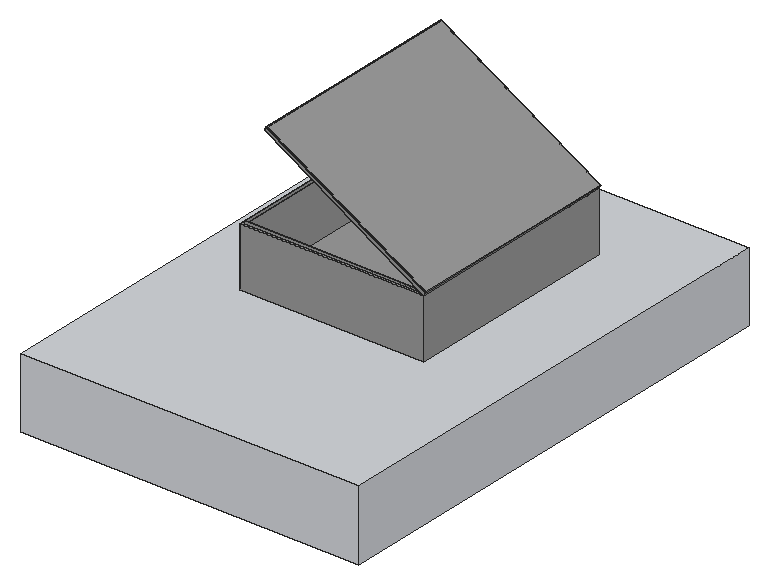
Revit family "Hager-Univers-IP55-D275-H950-Cl.I-Steel_encl-PL-en", category Equipement électrique, Revit 2020
Family settings
  Hôte = Face
  Configuration du panneau = Deux colonnes, circuits au sein
  Cote de connecteur circulaire = Utiliser le diamètre
  Type d'élément = Tableau de raccordement
  Couper avec des vides une fois chargée = Non
  Partagée = Non
  Point de calcul de pièce = Non
Parameters (values of type "Surface mounted (plaster) IP55 W800 H950 D275  - FR63E")
  Width Control [instance] = if([EF000008 - Width] > Min Width, [EF000008 - Width], Min Width)  # 800 mm
  Commentaires du type = [HG000003 - Range]  # "Univers"
  Thickness Door [instance] = if([EF009171 - Material plate thickness door/cover] > 3 mm, 3 mm, [EF009171 - Material plate thickness door/cover])  # 1.5 mm
  Seal Frame Offset [instance] = 17 mm  # constant formula
  Plinth Visibility [instance] = [HG000027 - Plinth height] > 0 mm  # no
  Model = ""
  Min Width [instance] = 100 mm  # constant formula
  Min Height [instance] = 100 mm  # constant formula
  Min Depth [instance] = (2 * [EF009170 - Material plate thickness cabinet]) + 1 mm  # 4 mm
  Internal Frame Depth [instance] = (Door System Depth * 0.5)  # 9 mm
  Height Control [instance] = if([EF000040 - Height] > Min Height, [EF000040 - Height], Min Height)  # 950 mm
  HG000027 - Plinth height = 0 mm
  HG000026 - Floor standing = no
  HG000024 - Bottom section height = 800 mm
  HG000023 - Double section enclosure = no
  HG000016 - Door 3d visibility [instance] = yes
  HG000015 - Clearance visibility [instance] = no
  HG000014 - Door on the right [instance] = yes
  HG000013 - Door on the left [instance] = not([HG000014 - Door on the right])  # no
  HG000012 - Door swing angle [instance] = 30.00°
  HG000010 - Asymmetric doors = no
  HG000009 - Double swing door = no
  HG000006 - Flush mounted = no
  HG000004 - Manufacturer reference = "FR63E"
  HG000003 - Range = "Univers"
  HG000002 - With door or cover = yes
  Frame Offset Bottom [instance] = 10 mm  # constant formula
  Frame Offset [instance] = 15 mm  # constant formula
  EF015940 - Cover with overpressure release = no
  EF011959 - Degree of protection (NEMA) = ""
  EF009554 - Number of openings for flange plates = 6
  EF009212 - Cover model = "EV000116 - Closed"
  EF009171 - Material plate thickness door/cover = 1.5 mm
  EF009170 - Material plate thickness cabinet = 1.5 mm
  Fabricant = "Hager"  # constant formula
  EF008873 - Nominal current (In) = 800 A
  EF007800 - Suitable for lightning protection = no
  EF006306 - With lock = no
  EF006244 - Transparent cover/door = no
  EF005474 - Degree of protection (IP) = "EV006420 - IP55"
  EF004464 - Type of door = "EV002646 - Single"
  EF004427 - Number of modules = 216
  EF004293 - Impact strength = "EV008784 - IK10"
  EF003532 - Suitable for outdoor use = no
  EF002950 - Width in number of modular spacings = 24
  EF001613 - Circuit integrity = "EV000494 - None"
  EF001596 - Material housing = "EV000179 - Steel"
  EF001131 - Internal depth = 275 mm
  EF001088 - Extension possible = yes
  EF000437 - Number of conduit inlets = 6
  EF000339 - Type of cover = "EV004216 - Door"
  EF000266 - Number of rows = 6
  EF000218 - Built-in depth = 0 mm
  EF000118 - With mounting plate = no
  EF000116 - RAL-number = "7035"
  EF000049 - Depth = 275 mm
  EF000040 - Height = 950 mm
  EF000008 - Width = 800 mm
  EF000007 - Colour = "EV000270 - Grey"
  EF000003 - Mounting method = "EV000384 - Surface mounted (plaster)"
  Door System Leaf Tolerance [instance] = 1.5 mm  # constant formula
  Door System Depth [instance] = 18 mm  # constant formula
  Door Height [instance] = Height Control - [HG000027 - Plinth height]  # 950 mm
  Depth Control [instance] = if([EF000049 - Depth] > Min Depth, [EF000049 - Depth], Min Depth)  # 275 mm
  Default Elevation = 0 mm
  Connector Offset [instance] = Height Control / 2  # 475 mm
  Bottom Top Plate Trim [instance] = 1.5 mm  # constant formula
  Plinth height Ctrl [instance] = if([HG000027 - Plinth height] > 0 mm, [HG000027 - Plinth height], 12 mm)  # 12 mm
Types (5, lengths in mm): name | Width Control | HG000010 - Asymmetric doors | HG000009 - Double swing door | HG000004 - Manufacturer reference | EF009554 - Number of openings for flange plates | EF004464 - Type of door | EF004427 - Number of modules | EF000437 - Number of conduit inlets | EF000008 - Width
  Surface mounted (plaster) IP55 W1050 H950 D275  - FR64E | 1050 | no | yes | "FR64E" | 8 | "EV003602 - Double" | 288 | 8 | 1050
  Surface mounted (plaster) IP55 W1300 H950 D275  - FR65E | 1300 | yes | yes | "FR65E" | 10 | "EV003602 - Double" | 360 | 10 | 1300
  Surface mounted (plaster) IP55 W300 H950 D275  - FR61E | 300 | no | no | "FR61E" | 2 | "EV002646 - Single" | 72 | 2 | 300
  Surface mounted (plaster) IP55 W550 H950 D275  - FR62E | 550 | no | no | "FR62E" | 4 | "EV002646 - Single" | 144 | 4 | 550
  Surface mounted (plaster) IP55 W800 H950 D275  - FR63E | 800 | no | no | "FR63E" | 6 | "EV002646 - Single" | 216 | 6 | 800
Reference planes
  plane 1 "Center (Front/Back)": y = 0
  plane 2: z = 0
  plane 3 "Center (Left/Right)": x = 0
  plane 4: z = 275
  plane 5: y = 1.5
  plane 6: y = 475
  plane 7: y = 0
  plane 8: y = 950
  plane 9: z = 0
  plane 10: x = -385
  plane 11: x = 385
  plane 12: x = 383.5
  plane 13: x = -383.5
  plane 14: y = 948.5
  plane 15: x = -383
  plane 16: x = -400
  plane 17: x = 383
  plane 18: x = 400
  plane 19: x = 398.5
  plane 20: x = -398.5
  plane 21: y = 11.5
  plane 22: y = 950
  plane 23: y = 933.5
  plane 24: z = 257
  plane 25: z = 1.5
  plane 26: z = 255.5
  plane 27: z = 273.5
Forms (mm)
  Extrusion 1, solid
    sketch origin (0, 0, 0) x (1, 0, 0) y (0, 1, 0)
      loop
        line (-702.964, 1305) -> (-702.964, -811.445) -> (766.763, -811.445) -> (766.763, 1305) -> (-702.964, 1305)
    from 0 to -304.8
  Extrusion 2, solid, material "Hager_Steel_RAL7035_Light_Grey", visible <- "Plinth Visibility", detail levels medium+fine
    sketch origin (0, 0, 0) x (1, 0, 0) y (0, 1, 0)
      loop
        line (-400, 0) -> (400, 0) -> (400, 12) -> (-400, 12) -> (-400, 0)
    from 0 to 257
  Extrusion 3, solid, material "Hager_Steel_RAL7035_Light_Grey", detail levels medium+fine
    sketch origin (0, 0, 0) x (1, 0, 0) y (0, 1, 0)
      loop
        line (-400, 0) -> (400, 0) -> (400, 950) -> (-400, 950) -> (-400, 0)
    from 0 to 257
  Extrusion 4, void
    sketch origin (0, 0, 0) x (1, 0, 0) y (0, 1, 0)
      loop
        line (-398.5, 1.5) -> (398.5, 1.5) -> (398.5, 948.5) -> (-398.5, 948.5) -> (-398.5, 1.5)
    from 1.5 to 255.5
  Extrusion 5, void
    sketch origin (-381.607, -4572, 257) x (0, -1, 0) y (-1, 0, 0)
      loop
        line (-4583.5, 1.893) -> (-5505.5, 1.893) -> (-5505.5, -765.107) -> (-4583.5, -765.107) -> (-4583.5, 1.893)
    from 0 to 1.5 <- "EF009170 - Material plate thickness cabinet"
  Extrusion 6, solid, material "Hager_Steel_RAL7035_Light_Grey", detail levels fine
    sketch origin (0, 0, 257) x (1, 0, 0) y (0, 1, 0)
      loop
        line (-383.5, 933.5) -> (-383.5, 11.5) -> (383.5, 11.5) -> (383.5, 933.5) -> (-383.5, 933.5)
      loop
        line (-385, 10) -> (385, 10) -> (385, 935) -> (-385, 935) -> (-385, 10)
    from 0 to 9 <- "Internal Frame Depth"
  Extrusion 7, solid, material "Hager_Steel_RAL7035_Light_Grey", detail levels coarse
    sketch origin (0, 0, 0) x (1, 0, 0) y (0, 1, 0)
      loop
        line (-400, 0) -> (400, 0) -> (400, 950) -> (-400, 950) -> (-400, 0)
    from 0 to 275
  Sweep 8, void
    path in 3D
      loop
        line (-400, 12, 0) -> (400, 12, 0) -> (400, 12, 257) -> (-400, 12, 257) -> (-400, 12, 0)
    profile origin (-400, 12, 128.5) x (-1, 0, 0) y (0, -1, 0)
      loop
        line (0, 0) -> (0, 1.5) -> (-1.5, 1.5)
        arc (-1.5, 1.5) -> (-1.061, 0.439) -> (0, 0) r 1.5
Cuts and joins
  Extrusion 4, Extrusion 5 cuts Extrusion 3
  Sweep 8 cuts Extrusion 2
Lines and regions (mm)
  Masking region 1
    outline origin (0, 0, 0) x (1, 0, 0) y (0, 0, 1)
      loop
        line (-400, 275) -> (-400, 0) -> (400, 0) -> (400, 275) -> (-400, 275)
  Masking region 2, detail levels medium+fine
    outline origin (0, 140, 0) x (0, 1, 0) y (0, 0, 1)
      loop
        line (-140, 0) -> (810, 0) -> (810, 257) -> (-140, 257) -> (-140, 0)
  Masking region 3, not visible, detail levels medium+fine
    outline origin (0, 297.922, 0) x (0, 1, 0) y (0, 0, 1)
      loop
        line (188.578, 0) -> (228.578, 0) -> (228.578, 263.5)
        arc (228.578, 263.5) -> (225.649, 270.571) -> (218.578, 273.5) r 10
        line (218.578, 273.5) -> (188.578, 273.5) -> (188.578, 0)
  Masking region 4, detail levels coarse
    outline origin (0, 0, 180) x (0, 1, 0) y (0, 0, 1)
      loop
        line (0, -180) -> (950, -180) -> (950, 95) -> (0, 95) -> (0, -180)
  Masking region 5, visible <- "Plinth Visibility", detail levels medium+fine
    outline origin (0, 52.24, 12.345) x (0, 0, -1) y (0, 1, 0)
      loop
        line (10.845, -40.24) -> (-243.155, -40.24)
        arc (-243.155, -40.24) -> (-243.594, -41.301) -> (-244.655, -41.74) r 1.5
        line (-244.655, -41.74) -> (-244.655, -52.24) -> (12.345, -52.24) -> (12.345, -41.74)
        arc (12.345, -41.74) -> (11.285, -41.301) -> (10.845, -40.24) r 1.5
  Masking region 6, detail levels medium+fine
    outline origin (-381.607, -4572, 257) x (-1, 0, 0) y (0, -1, 0)
      loop
        line (18.393, -5522) -> (18.393, -4572) -> (-781.607, -4572) -> (-781.607, -5522) -> (18.393, -5522)
  Masking region 7, visible <- "Plinth Visibility", detail levels medium+fine
    outline origin (-381.607, -4727, 257) x (-1, 0, 0) y (0, -1, 0)
      loop
        arc (16.893, -4739) -> (17.332, -4737.939) -> (18.393, -4737.5) r 1.5
        line (18.393, -4737.5) -> (18.393, -4727) -> (-781.607, -4727) -> (-781.607, -4737.5)
        arc (-781.607, -4737.5) -> (-780.546, -4737.939) -> (-780.107, -4739) r 1.5
        line (-780.107, -4739) -> (16.893, -4739)
  Masking region 8, detail levels coarse
    outline origin (-442.548, -4669.526, 257) x (-1, 0, 0) y (0, -1, 0)
      loop
        line (-42.548, -5619.526) -> (-42.548, -4669.526) -> (-842.548, -4669.526) -> (-842.548, -5619.526) -> (-42.548, -5619.526)
  sketch lines
    curve 1: line (-400, 12, 257) -> (-400, 12, 0)
    curve 2: line (400, 12, 257) -> (-400, 12, 257)
    curve 3: line (400, 12, 257) -> (400, 12, 0)
    curve 4: line (-400, 12, 0) -> (400, 12, 0)
Dimensions and locks
  "Depth Control": plane 4 to Extrusion 1
  "HG000027 - Plinth height": plane 1 "Center (Front/Back)" to plane 7
  "EF009170 - Material plate thickness cabinet": plane 5 to plane 7
  locked: connector elem to plane 3 "Center (Left/Right)"
  equal spacing: plane 8, plane 6, plane 7
  locked: connector elem to plane 6
  "EF009170 - Material plate thickness cabinet": plane 8 to plane 14
  "EF009170 - Material plate thickness cabinet": plane 10 to plane 13
  "EF009170 - Material plate thickness cabinet": plane 12 to plane 11
  "Frame Offset": plane 20 to plane 13
  "Frame Offset": plane 12 to plane 19
  "EF009170 - Material plate thickness cabinet": plane 16 to plane 20
  "EF009170 - Material plate thickness cabinet": plane 19 to plane 18
  "Seal Frame Offset": plane 16 to plane 15
  "Seal Frame Offset": plane 17 to plane 18
  "Frame Offset Bottom": plane 21 to plane 5
  "Frame Offset": plane 14 to plane 23
  equal spacing: plane 16, plane 3 "Center (Left/Right)", plane 18
  "Width Control": plane 16 to plane 18
  "EF009170 - Material plate thickness cabinet": plane 4 to plane 27
  "EF009170 - Material plate thickness cabinet": plane 24 to plane 26
  "EF009170 - Material plate thickness cabinet": plane 25 to level
  "Door System Depth": plane 4 to plane 24
  "Height Control": plane 1 "Center (Front/Back)" to Extrusion 7 sketch curve
  "Height Control": Masking region 4 sketch curve to plane 1 "Center (Front/Back)"
  "Height Control": plane 1 "Center (Front/Back)" to plane 22
  "Bottom Top Plate Trim": profile plane to Sweep 8 sketch curve
  "Bottom Top Plate Trim": Sweep 8 sketch curve to profile plane
  "Plinth height Ctrl": plane 1 "Center (Front/Back)" to Extrusion 2 sketch curve
  "Plinth height Ctrl": Masking region 5 sketch curve to plane 1 "Center (Front/Back)"
  "Plinth height Ctrl": plane 1 "Center (Front/Back)" to Masking region 7 sketch curve
  "Thickness Door": Extrusion 6 sketch curve to Extrusion 6 sketch curve  (x3)
  "Thickness Door": cut or joined group of Extrusion 3, Extrusion 4, Extrusion 5 to Extrusion 6 sketch curve
  radius of Masking region 3 sketch curve = 10 mm
  "Bottom Top Plate Trim": radius of Masking region 5 sketch curve  (x2)
  "Bottom Top Plate Trim": radius of Sweep 8 sketch curve
  "Bottom Top Plate Trim": radius of Masking region 7 sketch curve  (x2)
  aligned and locked: plane 2 to Extrusion 1
  aligned and locked: level to Extrusion 1
  aligned and locked: level to Masking region 1 sketch curve
  aligned and locked: Masking region 1 sketch curve to plane 18
  aligned and locked: Masking region 1 sketch curve to plane 16
  aligned and locked: plane 7 to Masking region 2 sketch curve
  aligned and locked: level to Masking region 3 sketch curve
  aligned and locked: Masking region 3 sketch curve to plane 27
  aligned and locked: level to Masking region 2 sketch curve
  aligned and locked: plane 1 "Center (Front/Back)" to Extrusion 2 sketch curve
  aligned and locked: Extrusion 3 sketch curve to plane 7
  aligned and locked: plane 16 to Extrusion 3 sketch curve
  aligned and locked: plane 18 to Extrusion 3 sketch curve
  aligned and locked: plane 20 to Extrusion 4 sketch curve
  aligned and locked: plane 19 to Extrusion 4 sketch curve
  aligned and locked: Extrusion 4 sketch curve to plane 5
  aligned and locked: Extrusion 4 to plane 25
  aligned and locked: plane 26 to Extrusion 4
  aligned and locked: plane 24 to Extrusion 3
  aligned and locked: Extrusion 5 sketch curve to plane 21
  aligned and locked: Extrusion 5 sketch curve to plane 13
  aligned and locked: Extrusion 5 sketch curve to plane 12
  aligned and locked: plane 18 to Extrusion 7 sketch curve
  aligned and locked: plane 1 "Center (Front/Back)" to Extrusion 7 sketch curve
  aligned and locked: plane 16 to Extrusion 7 sketch curve
  aligned and locked: plane 4 to Extrusion 7
  aligned and locked: Extrusion 7 to level
  aligned and locked: level to Masking region 4 sketch curve
  aligned and locked: Masking region 4 sketch curve to plane 1 "Center (Front/Back)"
  aligned and locked: Masking region 4 sketch curve to plane 4
  aligned and locked: nested 1 to level
  aligned and locked: nested 1 to plane 16
  aligned and locked: plane 8 to Extrusion 3 sketch curve
  aligned and locked: plane 23 to Extrusion 5 sketch curve
  aligned and locked: plane 14 to Extrusion 4 sketch curve
  aligned and locked: Masking region 2 sketch curve to plane 8
  aligned and locked: level to Masking region 5 sketch curve
  aligned and locked: plane 16 to Extrusion 2 sketch curve
  aligned and locked: plane 18 to Extrusion 2 sketch curve
  aligned and locked: Masking region 5 sketch curve to plane 24
  aligned and locked: Masking region 2 sketch curve to plane 24
  aligned and locked: plane 24 to Extrusion 2
  aligned and locked: profile plane to Sweep 8 sketch curve  (x2)
  aligned and locked: Masking region 6 sketch curve to plane 18
  aligned and locked: Masking region 6 sketch curve to plane 22
  aligned and locked: Masking region 6 sketch curve to plane 16
  aligned and locked: plane 8 to plane 22
  aligned and locked: Masking region 6 sketch curve to plane 7
  aligned and locked: Masking region 7 sketch curve to plane 16
  aligned and locked: Masking region 7 sketch curve to plane 1 "Center (Front/Back)"
  aligned and locked: Masking region 7 sketch curve to plane 18
  aligned and locked: Masking region 8 sketch curve to plane 1 "Center (Front/Back)"
  aligned and locked: Masking region 8 sketch curve to plane 18
  aligned and locked: Masking region 8 sketch curve to plane 22
  aligned and locked: Masking region 8 sketch curve to plane 16
  aligned and locked: nested 2 to plane 7
  aligned and locked: plane 3 "Center (Left/Right)" to nested 2
  aligned and locked: nested 2 to plane 24
  aligned and locked: Extrusion 6 sketch curve to cut or joined group of Extrusion 3, Extrusion 4, Extrusion 5  (x4)
Automatic sketch dimensions
  Extrusion 1 sketch curve to Extrusion 1 sketch curve = 1469.727 mm
  Extrusion 1 sketch curve to Extrusion 1 sketch curve = 2116.445 mm
  Masking region 1 sketch curve to plane 4 = 0 mm
  plane 6 to Masking region 3 sketch curve = 11.5 mm
  Masking region 3 sketch curve to Masking region 3 sketch curve = 30 mm
  Masking region 5 sketch curve to plane 1 "Center (Front/Back)" = 0 mm
Nested families
  nested 1: "Hager_Enclosure_Symbol" at (-400, 0, 0) x (1, 0, 0) z (0, -1, 0), Height <- "Depth Control", Width <- "Width Control", type "Hager_Enclosure_Symbol"
    with Width_Ctrl 800 mm, Width 800 mm, Height_Ctrl 275 mm, Height 275 mm, A_Width_Int 18.047 mm, A_Width 216.562 mm, A_Height_Ctrl 240.625 mm, A_Height 240.625 mm
  nested 2: "EC000058_Univers_Door" at (0, 0, 257) x (1, 0, 0) z (0, 1, 0), Leaf_Tolerance <- "Door System Leaf Tolerance", Angle <- "HG000012 - Door swing angle", Door_Depth <- "Door System Depth", Door_Left <- "HG000013 - Door on the left", Transparent <- "EF006244 - Transparent cover/door", Assymetrical <- "HG000010 - Asymmetric doors", Width <- "Width Control", Clearance <- "HG000015 - Clearance visibility", Double <- "HG000009 - Double swing door", 3d_Door <- "HG000016 - Door 3d visibility", Lock_Visibility <- "EF006306 - With lock", Width_Ctrl <- "Width Control", Door_Right <- "HG000014 - Door on the right", Door <- "HG000002 - With door or cover", Height <- "Door Height", Thickness <- "Thickness Door", type "EC000058_Univers_Door", detail levels medium+fine
    with min_wh 4 mm, Width_Ctrl 800 mm, Width 800 mm, Transparent no, Thickness 1.5 mm, Seal_Material Hager_Rubber, Lock_Visibility no, Lock_Material Hager_Plastic_RAL9005_Jet_Black, Leaf_Width 800 mm, Leaf_Tolerance_External_Sides 0 mm, Leaf_Tolerance 1.5 mm, Leaf_Offset 0 mm, Leaf_Height 947 mm, Leaf_2_Width 800 mm, Leaf_2_Offset 400 mm, Leaf_1_Width 800 mm, Leaf_1_Offset 400 mm, Height_Ctrl 950 mm, Height 950 mm, Glass_Material Hager_Glass, Double_Clearance_Ctrl no, Double no, Door_Right_Ctrl yes, Door_Right yes, Door_Material Hager_Steel_RAL7035_Light_Grey, Door_Left_Ctrl no, Door_Left no, Door_Depth 18 mm, Door yes, Clearance_Material Hager_Clearance, Clearance_Depth 800 mm, Clearance_Ctrl no, Clearance no, Assymetrical no, Angle 30.00°, 3d_Door yes
Connectors
  electrical at (0, 475, 0)
    settings: on plane 9, index 1, voltage 0 V, apparent load 0 VA, apparent load phase1 0 VA, apparent load phase2 0 VA, apparent load phase3 0 VA, power factor 1, load classification "Other", number of poles 1, system type 30, power factor state 1, is connector primary yes, connector utility no, sub classification motor no, connector description ""
Definition of nested family "EC000058_Univers_Door"
  Parameters (values of type "EC000058_Univers_Door")
    min_wh [instance] = (2 * Thickness) + 1 mm  # 11 mm
    Width_Ctrl [instance] = 400 mm
    Width [instance] = 500 mm
    Transparent [instance] = yes
    Thickness [instance] = 5 mm
    Seal_Material [instance] = none
    Lock_Visibility [instance] = yes
    Lock_Material [instance] = none
    Leaf_Width [instance] = if((Width_Ctrl - 2 * Leaf_Tolerance_External_Sides) > 0 mm, (Width_Ctrl - 2 * Leaf_Tolerance_External_Sides), min_wh)  # 400 mm
    Leaf_Tolerance_External_Sides [instance] = 0 mm  # constant formula
    Leaf_Tolerance [instance] = 1.5 mm
    Leaf_Offset [instance] = 0 mm  # constant formula
    Leaf_Height [instance] = if((Height_Ctrl - 2 * Leaf_Tolerance) > 0 mm, (Height_Ctrl - 2 * Leaf_Tolerance), min_wh)  # 497 mm
    Leaf_2_Width [instance] = if(and(and(Double, Assymetrical), Door_Left), (Leaf_Width / 3) - (Leaf_Tolerance / 2), if(and(and(Double, Assymetrical), Door_Right), (Leaf_Width / 3) * 2 - (Leaf_Tolerance / 2), if(and(Double, not(Assymetrical)), (Leaf_Width / 2) - Leaf_Tolerance, Leaf_Width)))  # 400 mm
    Leaf_2_Offset [instance] = if(and(Double, Assymetrical), Leaf_2_Width / 2, if(and(Double, not(Assymetrical)), Leaf_Width / 4, Leaf_Width / 2))  # 200 mm
    Leaf_1_Width [instance] = if(and(and(Double, Assymetrical), Door_Right), (Leaf_Width / 3) - (Leaf_Tolerance / 2), if(and(and(Double, Assymetrical), Door_Left), (Width / 3) * 2 - (Leaf_Tolerance / 2), if(and(Double, not(Assymetrical)), (Leaf_Width / 2) - Leaf_Tolerance, Leaf_Width)))  # 400 mm
    Leaf_1_Offset [instance] = if(and(Double, Assymetrical), Leaf_1_Width / 2, if(and(Double, not(Assymetrical)), Leaf_Width / 4, Leaf_Width / 2))  # 200 mm
    Height_Ctrl [instance] = if(Height > min_wh, Height, min_wh)  # 500 mm
    Height [instance] = 500 mm
    Glass_Material [instance] = none
    Double_Clearance_Ctrl [instance] = and(Double, Clearance)  # no
    Double [instance] = no
    Door_Right_Ctrl [instance] = and(or(Door_Right, Double), Door)  # yes
    Door_Right [instance] = yes
    Door_Material [instance] = none
    Door_Left_Ctrl [instance] = and(or(Door_Left, Double), Door)  # no
    Door_Left [instance] = no
    Door_Depth [instance] = 30 mm
    Door [instance] = yes
    Default Elevation = 1219.2 mm
    Clearance_Material [instance] = none
    Clearance_Depth [instance] = if(Leaf_1_Width > Leaf_2_Width, Leaf_1_Width, Leaf_2_Width)  # 400 mm
    Clearance_Ctrl [instance] = and(not(Double), Clearance)  # yes
    Clearance [instance] = yes
    Assymetrical [instance] = yes
    Angle [instance] = 30.00°
    3d_Door [instance] = yes
  Reference planes
    plane 1 "Center (Front/Back)": y = 0
    plane 2 "Bottom": z = 0
    plane 3 "Center (Left/Right)": x = 0
    plane 4: z = 500
    plane 5: x = -200
    plane 6: x = 200
    plane 7: z = 500
    plane 8: x = -200
    plane 9: z = 0
    plane 10: x = 200
    plane 11: y = 0
    plane 12: z = 1.5
    plane 13: x = -600
    plane 14: y = -400
    plane 15: x = 600
    plane 16: x = 0
    plane 17: x = 0
    plane 18: x = -200
    plane 19: x = 200
    plane 20: z = 498.5
  Forms (mm)
    Extrusion 1, solid, material <- "Clearance_Material", visible <- "Double_Clearance_Ctrl"
      sketch origin (1200, 0, 0) x (1, 0, 0) y (0, 0, -1)
        loop
          line (-1800, -498.5) -> (-600, -498.5) -> (-600, 0) -> (-1800, 0) -> (-1800, -498.5)
      from 0 to -400
  Dimensions and locks
    equal spacing: plane 5, plane 3 "Center (Left/Right)", plane 6
    "Width_Ctrl": plane 5 to plane 6
    "Leaf_Offset": plane 5 to plane 8
    "Leaf_Offset": plane 6 to plane 10
    "Leaf_Offset": plane 9 to level
    "Leaf_Offset": plane 4 to plane 7
    "Height_Ctrl": plane 4 to level
    "Leaf_Tolerance": plane 12 to plane 9
    locked: plane 11 to plane 1 "Center (Front/Back)"
    "Leaf_1_Offset": plane 18 to plane 16
    "Leaf_2_Offset": plane 17 to plane 19
    "Leaf_1_Width": plane 13 to plane 8
    "Leaf_2_Width": plane 10 to plane 15
    "Clearance_Depth": plane 14 to plane 1 "Center (Front/Back)"
    "Leaf_Tolerance_External_Sides": plane 8 to plane 18
    "Leaf_Tolerance_External_Sides": plane 19 to plane 10
    "Leaf_Tolerance": plane 7 to plane 20
    aligned and locked: level to plane 2 "Bottom"
    aligned and locked: nested 1 to plane 16
    aligned and locked: nested 2 to plane 17
    aligned and locked: Extrusion 1 to plane 13
    aligned and locked: plane 15 to Extrusion 1
    aligned and locked: Extrusion 1 to plane 14
    aligned and locked: plane 12 to nested 1
    aligned and locked: nested 2 to plane 12
    aligned and locked: Extrusion 1 to plane 11
    aligned and locked: plane 20 to Extrusion 1
    aligned and locked: nested 2 to plane 11
    aligned and locked: nested 1 to plane 11
  Automatic sketch dimensions
    Extrusion 1 sketch curve to level = 0 mm
    plane 5 to Extrusion 1 sketch curve = 400 mm
    plane 6 to Extrusion 1 sketch curve = 400 mm
    Extrusion 1 sketch curve to plane 4 = 1.5 mm
  Nested families
    nested 1: "EC000058_Univers_Door_Leaf" at (0, 0, 1.5), Width <- "Leaf_1_Width", visible <- "Door_Left_Ctrl", Leaf_Height <- "Leaf_Height", Angle <- "Angle", 3d_Door <- "3d_Door", Transparent <- "Transparent", Clearance Material <- "Clearance_Material", Clearance <- "Clearance_Ctrl", Door_Material <- "Door_Material", Glass_Material <- "Glass_Material", Door_Depth <- "Door_Depth", Lock_Material <- "Lock_Material", Seal_Material <- "Seal_Material", Lock_Visibility <- "Lock_Visibility", Thickness <- "Thickness", type "EC000058_Univers_Door_Leaf"
      with Width 400 mm, Transparent_Glass_Offset 30 mm, Transparent_Ctrl yes, Transparent yes, Thickness 5 mm, Standard no, Seal_Material none, Seal_D2 8 mm, Seal_D1 1 mm, Offset_Internal_Frame 10 mm, Lock_Width 20 mm, Lock_Visibility_3d yes, Lock_Visibility yes, Lock_Thickness_3 3 mm, Lock_Thickness_2 1 mm, Lock_Thickness_1 3 mm, Lock_Radius_Offset_2 16 mm, Lock_Radius_Offset_1 15 mm, Lock_Radius_2 5 mm, Lock_Radius 6 mm, Lock_Offset 5 mm, Lock_Material none, Lock_Height 80 mm, Lock_Cover_Top_Offset_2d 17 mm, Lock_Cover_Height -65 mm, Leaf_Height 497 mm, Internal_Seal_Thickness 8 mm, Internal_Seal_Depth_2 4.5 mm, Internal_Frame_Depth 25 mm, Glass_Thickness -1 mm, Glass_Offset -2 mm, Glass_Material none, Door_Material none, Door_Depth 30 mm, Clearance Material none, Clearance yes, Angle_Ctrl 30.00°, Angle 30.00°, 3d_Door yes
    nested 2: "EC000058_Univers_Door_Leaf" at (0, 0, 1.5) x (-1, 0, 0) z (0, 0, 1), Width <- "Leaf_2_Width", visible <- "Door_Right_Ctrl", Leaf_Height <- "Leaf_Height", Angle <- "Angle", 3d_Door <- "3d_Door", Transparent <- "Transparent", Clearance Material <- "Clearance_Material", Clearance <- "Clearance_Ctrl", Door_Material <- "Door_Material", Glass_Material <- "Glass_Material", Door_Depth <- "Door_Depth", Lock_Material <- "Lock_Material", Seal_Material <- "Seal_Material", Lock_Visibility <- "Lock_Visibility", Thickness <- "Thickness", type "EC000058_Univers_Door_Leaf"
      with Width 400 mm, Transparent_Glass_Offset 30 mm, Transparent_Ctrl yes, Transparent yes, Thickness 5 mm, Standard no, Seal_Material none, Seal_D2 8 mm, Seal_D1 1 mm, Offset_Internal_Frame 10 mm, Lock_Width 20 mm, Lock_Visibility_3d yes, Lock_Visibility yes, Lock_Thickness_3 3 mm, Lock_Thickness_2 1 mm, Lock_Thickness_1 3 mm, Lock_Radius_Offset_2 16 mm, Lock_Radius_Offset_1 15 mm, Lock_Radius_2 5 mm, Lock_Radius 6 mm, Lock_Offset 5 mm, Lock_Material none, Lock_Height 80 mm, Lock_Cover_Top_Offset_2d 17 mm, Lock_Cover_Height -65 mm, Leaf_Height 497 mm, Internal_Seal_Thickness 8 mm, Internal_Seal_Depth_2 4.5 mm, Internal_Frame_Depth 25 mm, Glass_Thickness -1 mm, Glass_Offset -2 mm, Glass_Material none, Door_Material none, Door_Depth 30 mm, Clearance Material none, Clearance yes, Angle_Ctrl 30.00°, Angle 30.00°, 3d_Door yes
  Definition of nested family "EC000058_Univers_Door_Leaf"
    Parameters (values of type "EC000058_Univers_Door_Leaf")
      Width [instance] = 2000 mm
      Transparent_Glass_Offset [instance] = 30 mm
      Transparent_Ctrl [instance] = and(Transparent, [3d_Door])  # yes
      Transparent [instance] = yes
      Thickness [instance] = 5 mm
      Standard [instance] = and(not(Transparent), [3d_Door])  # no
      Seal_Material [instance] = none
      Seal_D2 [instance] = 8 mm  # constant formula
      Seal_D1 [instance] = 1 mm  # constant formula
      Offset_Internal_Frame [instance] = 10 mm  # constant formula
      Lock_Width [instance] = 20 mm  # constant formula
      Lock_Visibility_3d [instance] = and(Lock_Visibility, [3d_Door])  # yes
      Lock_Visibility [instance] = yes
      Lock_Thickness_3 [instance] = 3 mm  # constant formula
      Lock_Thickness_2 [instance] = 1 mm  # constant formula
      Lock_Thickness_1 [instance] = 3 mm  # constant formula
      Lock_Radius_Offset_2 [instance] = Lock_Radius_Offset_1 + 1 mm  # 16 mm
      Lock_Radius_Offset_1 [instance] = 15 mm  # constant formula
      Lock_Radius_2 [instance] = Lock_Radius - 1 mm  # 5 mm
      Lock_Radius [instance] = 6 mm  # constant formula
      Lock_Offset [instance] = 5 mm  # constant formula
      Lock_Material [instance] = none
      Lock_Height [instance] = 80 mm  # constant formula
      Lock_Cover_Top_Offset_2d [instance] = Lock_Radius_Offset_2 + 1 mm  # 17 mm
      Lock_Cover_Height [instance] = -(Lock_Height - Lock_Radius_Offset_1)  # -65 mm
      Leaf_Height [instance] = 2720.336 mm
      Internal_Seal_Thickness [instance] = 8 mm  # constant formula
      Internal_Seal_Depth_2 [instance] = 4.5 mm  # constant formula
      Internal_Frame_Depth [instance] = if(Door_Depth - Thickness > 5 mm, Door_Depth - Thickness, 5 mm)  # 25 mm
      Glass_Thickness [instance] = if(Thickness > 15 mm, Glass_Offset + 10 mm, -1 mm)  # -1 mm
      Glass_Offset [instance] = if(Thickness > 15 mm, -(Thickness + 10 mm) / 2, -2 mm)  # -2 mm
      Glass_Material [instance] = none
      Door_Material [instance] = none
      Door_Depth [instance] = 30 mm
      Default Elevation = 0 mm
      Clearance Material [instance] = none
      Clearance [instance] = yes
      Angle_Ctrl [instance] = if(Angle > 180.00°, 180.00°, Angle)  # 90.00°
      Angle [instance] = 90.00°
      3d_Door [instance] = yes
    Reference planes
      plane 1 "Center (Front/Back)": y = 0
      plane 2: z = 0
      plane 3 "Center (Left/Right)": x = 0
      plane 4: y = 2000
      plane 5: x = -1000
      plane 6: x = 1000
      plane 7: x = -3000
      plane 8: z = 2720.336
      plane 9: z = 30
      plane 10: z = 2690.336
      plane 11: x = 970
      plane 12: x = -970
      plane 13: y = -3
      plane 14: z = 107.833
      plane 15: y = -5
      plane 16: y = -223.314
      plane 17: x = -1000
      plane 18: z = 1360.168
      plane 19: y = 30
    Forms (mm)
      Extrusion 1, solid, material <- "Clearance Material", visible <- "Clearance"
        sketch origin (0, 0, 0) x (1, 0, 0) y (0, 0, 1)
          loop
            line (-3000, 2720.336) -> (-3000, 0) -> (1000, 0) -> (1000, 2720.336) -> (-3000, 2720.336)
        from 0 to -2000
      Extrusion 2, solid, material <- "Door_Material", visible <- "Standard", detail levels medium+fine
        sketch origin (-1000, 0, 0) x (0, 1, 0) y (-1, 0, 0)
          loop
            line (0, 30) -> (0, 25) -> (2000, 25) -> (2000, 30) -> (0, 30)
        from 0 to 2720.336 <- "Leaf_Height"
      Extrusion 3, solid, material <- "Door_Material", visible <- "Transparent_Ctrl", detail levels medium+fine
        sketch origin (-1000, 0, 0) x (0, 1, 0) y (-1, 0, 0)
          loop
            line (0, 25) -> (2000, 25) -> (2000, 30) -> (0, 30) -> (0, 25)
        from 0 to 2720.336 <- "Leaf_Height"
      Extrusion 4, void
        sketch origin (-1025, 2000, 0) x (0, 1, 0) y (0, 0, -1)
          loop
            line (-30, -2690.336) -> (-30, -30) -> (-1970, -30) -> (-1970, -2690.336) -> (-30, -2690.336)
        from 0 to 5 <- "Thickness"
      Sweep 5, solid, material <- "Seal_Material", visible <- "Transparent_Ctrl", detail levels fine
        path in 3D
          loop
            line (-1025, 30, 30) -> (-1025, 30, 2690.336) -> (-1025, 1970, 2690.336) -> (-1025, 1970, 30) -> (-1025, 30, 30)
        profile origin (-1025, 1000, 30) x (1, 0, 0) y (0, 0, 1)
          loop
            line (0, 0) -> (0, -8) -> (1, -8) -> (1, 0) -> (0, 0)
      Extrusion 6, solid, material <- "Glass_Material", visible <- "Transparent_Ctrl", detail levels medium+fine
        sketch origin (-1030, 0, 0) x (0, 1, 0) y (0, 0, -1)
          loop
            line (1970, -2690.336) -> (1970, -30) -> (30, -30) -> (30, -2690.336) -> (1970, -2690.336)
        from -2 <- "Glass_Offset" to -1 <- "Glass_Thickness"
      Extrusion 7, solid, material <- "Door_Material", visible <- "3d_Door", detail levels medium+fine
        sketch origin (-1025, 2000, 0) x (0, -1, 0) y (0, 0, -1)
          loop
            line (0, -2720.336) -> (2000, -2720.336) -> (2000, 0) -> (0, 0) -> (0, -2720.336)
          loop
            line (1995, -5) -> (5, -5) -> (5, -2715.336) -> (1995, -2715.336) -> (1995, -5)
        from 0 to 25 <- "Internal_Frame_Depth"
      Sweep 8, solid, material <- "Seal_Material", visible <- "Transparent_Ctrl", detail levels fine
        path in 3D
          loop
            line (-1025, 0, 0) -> (-1025, 2000, 0) -> (-1025, 2000, 2720.336) -> (-1025, 0, 2720.336) -> (-1025, 0, 0)
        profile origin (-1025, 0, 1360.168) x (1, 0, 0) y (0, 1, 0)
          loop
            line (0, 10) -> (2.975, 10)
            arc (2.975, 10) -> (4.053, 10.447) -> (4.5, 11.525) r 1.525
            line (4.5, 11.525) -> (4.5, 16.527)
            arc (4.5, 16.527) -> (4.069, 17.569) -> (3.027, 18) r 1.473
            line (3.027, 18) -> (0, 18) -> (0, 10)
      Extrusion 9, solid, material <- "Lock_Material", visible <- "Lock_Visibility_3d", detail levels fine
        sketch origin (-1030, 0, 0) x (0, 1, 0) y (0, 0, -1)
          loop
            arc (1993.5, -1400.168) -> (1994.561, -1399.729) -> (1995, -1398.668) r 1.5
            line (1995, -1398.668) -> (1995, -1320.168) -> (1975, -1320.168) -> (1975, -1398.668)
            arc (1975, -1398.668) -> (1975.439, -1399.729) -> (1976.5, -1400.168) r 1.5
            line (1976.5, -1400.168) -> (1993.5, -1400.168)
        from 3 <- "Lock_Thickness_1" to 0
      Blend 10, solid, material <- "Lock_Material", visible <- "Lock_Visibility_3d", detail levels fine
        base sketch origin (-1033, 0, 0) x (0, 1, 0) y (0, 0, -1)
          loop
            line (1975, -1320.168) -> (1975, -1398.668)
            arc (1975, -1398.668) -> (1975.439, -1399.729) -> (1976.5, -1400.168) r 1.5
            line (1976.5, -1400.168) -> (1993.5, -1400.168)
            arc (1993.5, -1400.168) -> (1994.561, -1399.729) -> (1995, -1398.668) r 1.5
            line (1995, -1398.668) -> (1995, -1320.168) -> (1975, -1320.168)
        top sketch origin (-1033, 0, 0) x (0, 1, 0) y (0, 0, -1)
          loop
            line (1976, -1320.168) -> (1976, -1398.668)
            arc (1976, -1398.668) -> (1976.146, -1399.022) -> (1976.5, -1399.168) r 0.5
            line (1976.5, -1399.168) -> (1993.5, -1399.168)
            arc (1993.5, -1399.168) -> (1993.854, -1399.022) -> (1994, -1398.668) r 0.5
            line (1994, -1398.668) -> (1994, -1320.168) -> (1976, -1320.168)
        from 0 to 1 <- "Lock_Thickness_2"
      Blend 11, solid, material <- "Lock_Material", visible <- "Lock_Visibility_3d", detail levels fine
        base sketch origin (-1034, 0, 0) x (0, 1, 0) y (0, 0, -1)
          loop
            line (1978, -1320.168) -> (1978, -1384.168)
            arc (1978, -1384.168) -> (1985, -1391.168) -> (1992, -1384.168) r 7
            line (1992, -1384.168) -> (1992, -1320.168) -> (1978, -1320.168)
        top sketch origin (-1034, 0, 0) x (0, 1, 0) y (0, 0, -1)
          loop
            line (1991, -1320.168) -> (1979, -1320.168) -> (1979, -1383.168)
            arc (1979, -1383.168) -> (1985, -1389.168) -> (1991, -1383.168) r 6
            line (1991, -1383.168) -> (1991, -1320.168)
        from 0 to 3 <- "Lock_Thickness_3"
      Extrusion 12, solid, material <- "Lock_Material", visible <- "Lock_Visibility_3d", detail levels fine
        sketch origin (-1030, 1975, 1320.168) x (1, 0, 0) y (0, -1, 0)
          loop
            line (-7, -19) -> (-7, -1) -> (0, -1) -> (0, 0) -> (-8, 0) -> (-8, -20) -> (0, -20) -> (0, -19) -> (-7, -19)
        from 0 to -65 <- "Lock_Cover_Height"
      Extrusion 13, void
        sketch origin (-1038, 1995, 1320.168) x (-1, 0, 0) y (0, 0, -1)
          loop
            line (-5, -65) -> (0, -65) -> (-5, -60) -> (-5, -65)
        from 0 to 20 <- "Lock_Width"
      Extrusion 14, void
        sketch origin (-1038, 1975, 1320.168) x (0, -1, 0) y (0, 0, -1)
          loop
            circle (-10, -15.995) r 6
          loop
            circle (-10, -15.995) r 5
        from 0 to 2
      Extrusion 15, solid, material <- "Lock_Material", visible <- "Lock_Visibility_3d", detail levels medium
        sketch origin (-1030, 0, 0) x (0, 1, 0) y (0, 0, -1)
          loop
            arc (1993.5, -1400.168) -> (1994.561, -1399.729) -> (1995, -1398.668) r 1.5
            line (1995, -1398.668) -> (1995, -1320.168) -> (1975, -1320.168) -> (1975, -1398.668)
            arc (1975, -1398.668) -> (1975.439, -1399.729) -> (1976.5, -1400.168) r 1.5
            line (1976.5, -1400.168) -> (1993.5, -1400.168)
        from 8 to 0
    Cuts and joins
      Extrusion 4 cuts Extrusion 3
      Extrusion 13, Extrusion 14 cuts Extrusion 9
      Extrusion 14 cuts Blend 11
      Extrusion 13, Extrusion 14 cuts Extrusion 12
      joined: Extrusion 9, Blend 10, Blend 11, Extrusion 12
      Extrusion 14 cuts Extrusion 15
    Lines and regions (mm)
      Masking region 1, visible <- "Lock_Visibility", detail levels fine
        outline origin (0, 0, 0) x (0, 1, 0) y (0, 0, 1)
          loop
            line (30, 1320.168) -> (33, 1320.168) -> (33, 1400.168) -> (30, 1400.168) -> (30, 1320.168)
      Masking region 2, visible <- "Lock_Visibility", detail levels fine
        outline origin (0, 3.143, 0) x (0, 1, 0) y (0, 0, 1)
          loop
            line (29.857, 1354.168) -> (30.857, 1354.168) -> (30.857, 1366.168) -> (29.857, 1366.168) -> (29.857, 1354.168)
      Masking region 3, detail levels medium+fine
        outline origin (0, 0, 0) x (0, 1, 0) y (0, 0, 1)
          loop
            line (0, 0) -> (30, 0) -> (30, 2720.336) -> (0, 2720.336) -> (0, 0)
      Masking region 4, detail levels medium+fine
        outline origin (0, 0, 0) x (1, 0, 0) y (0, 0, 1)
          loop
            line (-1000, 2720.336) -> (-1000, 0) -> (1000, 0) -> (1000, 2720.336) -> (-1000, 2720.336)
      Masking region 5, visible <- "Lock_Visibility", detail levels fine
        outline origin (-47.116, 0, 0) x (1, 0, 0) y (0, 0, 1)
          loop
            arc (1024.616, 1399.168) -> (1023.556, 1398.729) -> (1023.116, 1397.668) r 1.5
            line (1023.116, 1397.668) -> (1023.116, 1320.168) -> (1041.116, 1320.168) -> (1041.116, 1397.668)
            arc (1041.116, 1397.668) -> (1040.677, 1398.729) -> (1039.616, 1399.168) r 1.5
            line (1039.616, 1399.168) -> (1024.616, 1399.168)
      Masking region 6, visible <- "Lock_Visibility", detail levels medium+fine
        outline origin (-25, 0, 0) x (1, 0, 0) y (0, 0, 1)
          loop
            arc (1001.5, 1400.168) -> (1000.439, 1399.729) -> (1000, 1398.668) r 1.5
            line (1000, 1398.668) -> (1000, 1320.168) -> (1020, 1320.168) -> (1020, 1398.668)
            arc (1020, 1398.668) -> (1019.561, 1399.729) -> (1018.5, 1400.168) r 1.5
            line (1018.5, 1400.168) -> (1001.5, 1400.168)
      Masking region 7, visible <- "Lock_Visibility", detail levels fine
        outline origin (-73.735, 0, 0) x (1, 0, 0) y (0, 0, 1)
          loop
            line (1051.735, 1382.168) -> (1065.735, 1382.168) -> (1065.735, 1384.168)
            arc (1065.735, 1384.168) -> (1058.735, 1391.168) -> (1051.735, 1384.168) r 7
            line (1051.735, 1384.168) -> (1051.735, 1382.168)
      Masking region 8, visible <- "Lock_Visibility", detail levels fine
        outline origin (-73.735, 0, 0) x (1, 0, 0) y (0, 0, 1)
          loop
            line (1052.735, 1382.168) -> (1064.735, 1382.168) -> (1064.735, 1383.168)
            arc (1064.735, 1383.168) -> (1058.735, 1389.168) -> (1052.735, 1383.168) r 6
            line (1052.735, 1383.168) -> (1052.735, 1382.168)
      Masking region 9, visible <- "Lock_Visibility", detail levels fine
        outline origin (-25, 0, 0) x (1, 0, 0) y (0, 0, 1)
          loop
            line (1020, 1320.168) -> (1020, 1382.168) -> (1000, 1382.168) -> (1000, 1320.168) -> (1020, 1320.168)
      Masking region 10, detail levels medium+fine
        outline origin (0, 0, 0) x (1, 0, 0) y (0, 0, 1)
          loop
            circle (985, 1335.144) r 6
      Masking region 11, detail levels fine
        outline origin (0, 0, 0) x (1, 0, 0) y (0, 0, 1)
          loop
            circle (985, 1335.144) r 5
      Masking region 12, visible <- "Lock_Visibility", detail levels fine
        outline origin (0, 12.767, 0) x (0, 1, 0) y (0, 0, 1)
          loop
            line (20.233, 1320.168) -> (21.233, 1320.168) -> (21.233, 1399.168) -> (20.233, 1400.168) -> (20.233, 1320.168)
      Masking region 13, visible <- "Lock_Visibility", detail levels fine
        outline origin (0, 13.767, -10) x (0, 1, 0) y (0, 0, 1)
          loop
            line (20.233, 1330.168) -> (23.233, 1330.168) -> (23.233, 1399.168) -> (20.233, 1402.168) -> (20.233, 1330.168)
      Masking region 14, visible <- "Lock_Visibility", detail levels fine
        outline origin (0, 12.767, -10) x (0, 1, 0) y (0, 0, 1)
          loop
            line (20.233, 1330.168) -> (25.233, 1330.168) -> (25.233, 1399.305) -> (20.233, 1394.305) -> (20.233, 1330.168)
      Masking region 15, visible <- "Lock_Visibility", detail levels medium
        outline origin (0, 0, 0) x (0, 1, 0) y (0, 0, 1)
          loop
            line (30, 1320.168) -> (38, 1320.168) -> (38, 1400.168) -> (30, 1400.168) -> (30, 1320.168)
      Masking region 16, visible <- "Lock_Visibility", detail levels fine
        outline origin (-1000, 0, 0) x (0, 1, 0) y (-1, 0, 0)
          loop
            line (1975, 30) -> (1995, 30) -> (1995, 38) -> (1975, 38) -> (1975, 30)
          loop
            line (1979, 37) -> (1976, 37) -> (1976, 34) -> (1978, 34) -> (1979, 37)
          loop
            line (1994, 37) -> (1991, 37) -> (1992, 34) -> (1994, 34) -> (1994, 37)
      Masking region 17, visible <- "Lock_Visibility", detail levels medium
        outline origin (-1000, 0, 0) x (0, 1, 0) y (-1, 0, 0)
          loop
            line (1975, 30) -> (1995, 30) -> (1995, 38) -> (1975, 38) -> (1975, 30)
      symbolic lines
        curve 1: line (1000, 0, 0) -> (-3000, 0, 0)
        curve 2: arc (1000, 0, 0) -> (-1000, 2000, 0) -> (-3000, 0, 0) r 2000
        curve 4: line (-1030, 0, 0) -> (-1030, 2000, 0)
      reference lines
        curve 3: line (-1000, 0, 0) -> (-1000, 2000, 0)
      symbolic lines, detail levels medium+fine
        curve 5: line (-1030, 2000, 0) -> (-1025, 2000, 0)
        curve 7: line (-1025, 0, 0) -> (-1030, 0, 0)
        curve 8: line (-1025, 0, 0) -> (-1000, 0, 0)
        curve 9: line (-1000, 0, 0) -> (-1000, 2000, 0)
        curve 10: line (-1000, 2000, 0) -> (-1025, 2000, 0)
      symbolic lines, detail levels fine
        curve 6: line (-1025, 2000, 0) -> (-1025, 0, 0)
      sketch lines
        curve 11: line (-1025, 0, 2720.336) -> (-1025, 0, 0)
        curve 12: line (-1025, 2000, 0) -> (-1025, 0, 0)
        curve 13: line (-1025, 2000, 2720.336) -> (-1025, 2000, 0)
        curve 14: line (-1025, 0, 2720.336) -> (-1025, 2000, 2720.336)
        curve 15: line (-1025, 1970, 30) -> (-1025, 30, 30)
        curve 16: line (-1025, 30, 30) -> (-1025, 30, 2690.336)
        curve 17: line (-1025, 1970, 2690.336) -> (-1025, 1970, 30)
        curve 18: line (-1025, 30, 2690.336) -> (-1025, 1970, 2690.336)
      symbolic lines, visible <- "Transparent", detail levels medium+fine
        curve 19: line (-970, 0, 2690.336) -> (970, 0, 2690.336)
        curve 20: line (-970, 0, 30) -> (-970, 0, 2690.336)
        curve 21: line (970, 0, 30) -> (-970, 0, 30)
        curve 22: line (970, 0, 2690.336) -> (970, 0, 30)
    Dimensions and locks
      "Width": plane 1 "Center (Front/Back)" to plane 4
      equal spacing: plane 5, plane 3 "Center (Left/Right)", plane 6
      "Width": plane 5 to plane 6
      "Width": plane 7 to plane 5
      "Leaf_Height": plane 8 to level
      "Width": curve 5 to curve 3
      "Width": curve 3 to curve 3
      plane 8 to plane 10 = 30 mm
      plane 9 to level = 30 mm
      plane 12 to plane 5 = 30 mm
      plane 6 to plane 11 = 30 mm
      Extrusion 1 to Extrusion 4 sketch curve = 30 mm
      "Transparent_Glass_Offset": curve 3 to Extrusion 4 sketch curve
      "Transparent_Glass_Offset": Extrusion 4 sketch curve to cut or joined group of Extrusion 3, Extrusion 4  (x2)
      cut or joined group of Extrusion 3, Extrusion 4 to Extrusion 6 sketch curve = 30 mm
      "Transparent_Glass_Offset": cut or joined group of Extrusion 3, Extrusion 4 to Extrusion 4 sketch curve
      "Thickness": curve 6 to curve 4
      "Thickness": Extrusion 7 sketch curve to Extrusion 7 sketch curve  (x4)
      "Door_Depth": curve 4 to curve 3
      "Offset_Internal_Frame": profile plane to Sweep 8 sketch curve
      "Internal_Seal_Thickness": Sweep 8 sketch curve to Sweep 8 sketch curve
      "Internal_Seal_Depth_2": profile plane to Sweep 8 sketch curve
      "Seal_D1": profile plane to Sweep 5 sketch curve
      "Seal_D2": profile plane to Sweep 5 sketch curve
      "Thickness": Extrusion 2 sketch curve to Extrusion 2 sketch curve
      equal spacing: Extrusion 9 sketch curve, plane 18, Extrusion 9 sketch curve  (x2)
      equal spacing: Masking region 1 sketch curve, plane 18, Masking region 1 sketch curve
      "Lock_Height": Masking region 1 sketch curve to Masking region 1 sketch curve
      "Lock_Radius": Masking region 2 sketch curve to plane 18 to Masking region 2 sketch curve
      Masking region 2 sketch curve to Masking region 1 = 1 mm
      "Door_Depth": plane 19 to plane 1 "Center (Front/Back)"
      "Lock_Thickness_1": Masking region 1 sketch curve to plane 19
      "Lock_Width": Extrusion 9 sketch curve to Extrusion 9 sketch curve
      "Lock_Height": Extrusion 9 sketch curve to Extrusion 9 sketch curve
      "Lock_Offset": cut or joined group of Extrusion 3, Extrusion 4 to Extrusion 9 sketch curve
      equal spacing: plane 8, plane 18, level
      "Lock_Radius_Offset_1": Blend 11 sketch curve to Blend 10
      locked: Blend 10 to Blend 11 sketch curve at 2  (x2)
      locked: var sketch to Blend 11 sketch curve at 1  (x2)
      "Lock_Radius_Offset_2": Blend 11 sketch curve to Blend 10
      locked: Extrusion 12 sketch curve to Extrusion 12 sketch curve at 1  (x3)
      Masking region 6 sketch curve to Masking region 6 sketch curve = 80 mm
      "Lock_Height": Masking region 6 sketch curve to Masking region 6 sketch curve
      "Lock_Width": Masking region 6 sketch curve to Masking region 6 sketch curve
      locked: Masking region 6 to Masking region 5 sketch curve at 1  (x3)
      locked: Masking region 5 to Masking region 7 sketch curve at 2  (x2)
      "Lock_Radius_Offset_1": Masking region 5 to Masking region 7 sketch curve
      "Lock_Radius_Offset_2": Masking region 5 to Masking region 8 sketch curve
      locked: Masking region 7 to Masking region 8 sketch curve at 1  (x2)
      "Lock_Cover_Top_Offset_2d": Masking region 5 to Masking region 9 sketch curve
      equal spacing: Masking region 9, Masking region 10 sketch curve, Masking region 9
      equal spacing: Masking region 9, Masking region 11 sketch curve, Masking region 9
      Extrusion 15 sketch curve to Extrusion 15 sketch curve = 80 mm
      "Lock_Width": Extrusion 15 sketch curve to Extrusion 15 sketch curve
      "Lock_Height": Extrusion 15 sketch curve to Extrusion 15 sketch curve
      equal spacing: Extrusion 15 sketch curve, plane 18, Extrusion 15 sketch curve
      "Lock_Thickness_3": Masking region 13 sketch curve to Masking region 13 sketch curve
      "Lock_Height": Masking region 12 sketch curve to Masking region 12 sketch curve
      locked: Masking region 13 sketch curve to Masking region 1 at 8
      locked: Masking region 14 sketch curve to Masking region 13 at 1
      locked: Masking region 14 sketch curve to Masking region 1 at 10.863
      "Lock_Height": Masking region 15 sketch curve to Masking region 15 sketch curve
      "Lock_Offset": Extrusion 15 sketch curve to cut or joined group of Extrusion 3, Extrusion 4
      "Lock_Offset": plane 6 to Masking region 6 sketch curve
      radius of Sweep 8 sketch curve = 1.525 mm
      radius of Sweep 8 sketch curve = 1.473 mm
      radius of Extrusion 9 sketch curve = 1.5 mm  (x2)
      "Lock_Radius": radius of Extrusion 14 sketch curve
      "Lock_Radius_2": radius of Extrusion 14 sketch curve
      "Lock_Radius": radius of Masking region 10 sketch curve
      "Lock_Radius_2": radius of Masking region 11 sketch curve
      radius of Extrusion 15 sketch curve = 1.5 mm  (x2)
      "Angle_Ctrl": angle plane 1 "Center (Front/Back)" to curve 3
      locked: Masking region 12 sketch curve to Masking region 12 sketch curve (angle 45.00°)
      locked: Masking region 13 sketch curve to Masking region 13 sketch curve (angle 45.00°)
      locked: Masking region 14 sketch curve to Masking region 14 sketch curve (angle 45.00°)
      aligned and locked: level to plane 2
      aligned and locked: Extrusion 1 to curve 1
      aligned and locked: plane 6 to Extrusion 1
      aligned and locked: Extrusion 1 to plane 1 "Center (Front/Back)"
      aligned and locked: plane 4 to Extrusion 1
      aligned and locked: plane 8 to Extrusion 1
      aligned and locked: curve 7 to Extrusion 2 sketch curve
      aligned and locked: curve 5 to Extrusion 2 sketch curve
      aligned and locked: curve 7 to Extrusion 3 sketch curve
      aligned and locked: Extrusion 3 sketch curve to curve 4
      aligned and locked: Extrusion 3 sketch curve to curve 6
      aligned and locked: Extrusion 3 sketch curve to curve 5
      aligned and locked: curve 9 to curve 3
      aligned and locked: Extrusion 7 sketch curve to cut or joined group of Extrusion 3, Extrusion 4  (x4)
      aligned and locked: plane 17 to curve 3
      aligned and locked: plane 1 "Center (Front/Back)" to curve 3
      aligned and locked: plane 17 to plane 5
      aligned and locked: Sweep 8 sketch curve to profile plane
      aligned and locked: Sweep 5 sketch curve to profile plane  (x2)
      aligned and locked: Masking region 1 to Masking region 2 sketch curve
      aligned and locked: plane 19 to Masking region 1 sketch curve
      aligned and locked: plane 1 "Center (Front/Back)" to Masking region 3 sketch curve
      aligned and locked: plane 19 to Masking region 3 sketch curve
      aligned and locked: level to Masking region 3 sketch curve
      aligned and locked: Masking region 3 sketch curve to plane 8
      aligned and locked: plane 17 to Masking region 4 sketch curve
      aligned and locked: level to Masking region 4 sketch curve
      aligned and locked: Masking region 4 sketch curve to plane 8
      aligned and locked: plane 12 to curve 20
      aligned and locked: plane 10 to curve 19
      aligned and locked: plane 11 to curve 22
      aligned and locked: curve 21 to plane 9
      aligned and locked: Extrusion 2 sketch curve to cut or joined group of Extrusion 3, Extrusion 4
      aligned and locked: Blend 10 sketch curve to Extrusion 9  (x4)
      aligned and locked: Extrusion 9 to Blend 10 sketch curve
      aligned and locked: Blend 10 to Blend 11 sketch curve
      aligned and locked: Extrusion 12 sketch curve to Blend 11
      aligned and locked: Extrusion 12 sketch curve to Extrusion 9  (x4)
      aligned and locked: Masking region 5 sketch curve to Masking region 6
      aligned and locked: Masking region 9 sketch curve to Masking region 6  (x3)
      aligned and locked: Masking region 12 sketch curve to Masking region 1
      aligned and locked: Masking region 13 sketch curve to Masking region 1
      aligned and locked: Masking region 12 to Masking region 14
      aligned and locked: Masking region 14 sketch curve to Masking region 1
      aligned and locked: Masking region 15 sketch curve to Masking region 14
      aligned and locked: Masking region 13 sketch curve to Masking region 12
      aligned and locked: Masking region 16 sketch curve to cut or joined group of Extrusion 14, Extrusion 15  (x4)
      aligned and locked: Masking region 16 sketch curve to cut or joined group of Extrusion 9, Blend 10, Blend 11, Extrusion 12, Extrusion 13, Extrusion 14  (x6)
      aligned and locked: cut or joined group of Extrusion 9, Blend 10, Blend 11, Extrusion 12, Extrusion 13, Extrusion 14 to Masking region 16 sketch curve
      aligned and locked: Masking region 17 sketch curve to cut or joined group of Extrusion 14, Extrusion 15  (x3)
      aligned and locked: Masking region 17 sketch curve to cut or joined group of Extrusion 9, Blend 10, Blend 11, Extrusion 12, Extrusion 13, Extrusion 14
      aligned and locked: Masking region 9 to Masking region 8 sketch curve
      aligned and locked: Masking region 9 to Masking region 7 sketch curve
    Automatic sketch dimensions
      plane 1 "Center (Front/Back)" to curve 2 = 0 mm
      curve 2 to plane 5 = 0 mm
      Extrusion 1 sketch curve to level = 0 mm
      Extrusion 1 sketch curve to plane 7 = 0 mm
      Extrusion 1 sketch curve to plane 6 = 0 mm
      Extrusion 1 sketch curve to plane 8 = 0 mm
      Extrusion 3 to Extrusion 6 sketch curve = 30 mm  (x4)
      Masking region 4 sketch curve to plane 6 = 0 mm
      Blend 10 sketch curve to Extrusion 9 = 1.5 mm
      Blend 10 sketch curve to Extrusion 9 = 1 mm
      Extrusion 13 sketch curve to Extrusion 12 = 0 mm  (x2)
      Extrusion 12 to Extrusion 13 sketch curve = 3 mm
      Extrusion 13 sketch curve to Extrusion 12 = 5 mm
      Extrusion 14 sketch curve to Extrusion 14 sketch curve = 0 mm  (x2)
      Extrusion 14 sketch curve to Extrusion 12 = 10 mm
      Extrusion 14 sketch curve to Extrusion 12 = 15.995 mm
      Masking region 5 sketch curve to Masking region 5 sketch curve = 1.5 mm  (x2)
      Masking region 10 sketch curve to plane 18 = 25.024 mm
      Masking region 11 sketch curve to plane 18 = 25.024 mm
      plane 19 to Masking region 14 sketch curve = 3 mm
      Masking region 16 sketch curve to Masking region 16 sketch curve = 3 mm
      curve 4 to curve 3 = 0 mm
      Blend 10 to Blend 11 sketch curve = 0 mm
      Masking region 6 sketch curve to Masking region 6 sketch curve = 1.5 mm  (x2)
      Masking region 6 sketch curve to plane 18 = 40 mm
      plane 19 to Masking region 12 sketch curve = 3 mm
      Masking region 12 sketch curve to Masking region 12 sketch curve = 1 mm
      Masking region 15 sketch curve to plane 19 = 0 mm
      Masking region 15 sketch curve to plane 18 = 40 mm
      radius of Blend 10 sketch curve to Extrusion 9 = 1 mm
Definition of nested family "Hager_Enclosure_Symbol"
  Parameters (values of type "Hager_Enclosure_Symbol")
    Width_Ctrl [instance] = if(Width > 1 mm, Width, 1 mm)  # 102.27 mm
    Width [instance] = 102.27 mm
    Height_Ctrl [instance] = if(Height > 1 mm, Height, 1 mm)  # 66.5 mm
    A_Width_Int [instance] = if(A_Width / 12 > 2 mm, A_Width / 12, 2 mm)  # 4.364 mm
    A_Width [instance] = if(A_Height_Ctrl * 0.9 > 2 mm, A_Height_Ctrl * 0.9, 2 mm)  # 52.369 mm
    A_Height_Ctrl [instance] = if(A_Height > 2 mm, A_Height, 2 mm)  # 58.188 mm
    Height [instance] = 66.5 mm
    A_Height [instance] = Height - (Height / 8)  # 58.188 mm
  Reference planes
    plane 1 "Centre (avant/arrière)": y = 0
    plane 2: z = 0
    plane 3 "Centre (gauche/droite)": x = 0
    plane 4: x = 52.369
    plane 5: y = 33.042
    plane 6: y = 41.77
    plane 7: y = 66.5
    plane 8: x = 26.184
    plane 9: y = 37.406
    plane 10: x = 102.27
    plane 11: y = 66.5
    plane 12: y = 8.313
  Lines and regions (mm)
    Filled region 1, type "Solid_Black", in view "Niveau de réf."
      outline origin (0, 0, 0) x (1, 0, 0) y (0, 1, 0)
        loop
          line (52.369, 66.5) -> (33.188, 54.536) -> (45.365, 45.006) -> (52.369, 66.5)
    Filled region 2, type "Solid_Black", in view "Niveau de réf."
      outline origin (0, 0, 0) x (1, 0, 0) y (0, 1, 0)
        loop
          line (0, 0) -> (102.27, 0) -> (102.27, 66.5) -> (0, 0)
    detail lines, in view "Niveau de réf."
      curve 1: line (0, 8.313, 0) -> (26.184, 41.77, 0)
      curve 2: line (26.184, 41.77, 0) -> (26.184, 33.042, 0)
      curve 3: line (26.184, 33.042, 0) -> (52.369, 66.5, 0)
  Dimensions and locks
    "A_Width": plane 3 "Centre (gauche/droite)" to plane 4
    equal spacing: plane 3 "Centre (gauche/droite)", plane 8, plane 4
    equal spacing: plane 6, plane 9, plane 5
    equal spacing: curve 3, Filled region 1 sketch curve, Filled region 1 sketch curve
    "Height_Ctrl": plane 1 "Centre (avant/arrière)" to plane 11
    "A_Height_Ctrl": plane 11 to plane 12
    equal spacing: plane 11, plane 9, plane 12
    "A_Width_Int": plane 6 to plane 9
    "Width_Ctrl": plane 3 "Centre (gauche/droite)" to plane 10
    angle Filled region 1 sketch curve to curve 3 = 20.00°
    angle curve 3 to Filled region 1 sketch curve = 20.00°
    locked: curve 3 to Filled region 1 sketch curve (angle 90.00°)
    aligned and locked: plane 10 to Filled region 2
    aligned and locked: plane 11 to Filled region 2 sketch curve
    aligned and locked: plane 10 to Filled region 2 sketch curve
    aligned and locked: plane 3 "Centre (gauche/droite)" to curve 1
    aligned and locked: plane 12 to curve 1
    aligned and locked: plane 7 to plane 11
  Automatic sketch dimensions
    Filled region 1 sketch curve to plane 4 = 0 mm
    Filled region 1 sketch curve to plane 7 = 0 mm
    plane 1 "Centre (avant/arrière)" to Filled region 2 sketch curve = 0 mm
    Filled region 2 sketch curve to plane 3 "Centre (gauche/droite)" = 0 mm
    curve 2 to plane 6 = 0 mm
    curve 2 to plane 8 = 0 mm
    curve 3 to plane 4 = 0 mm
    curve 2 to plane 5 = 0 mm
    curve 3 to plane 7 = 0 mm
